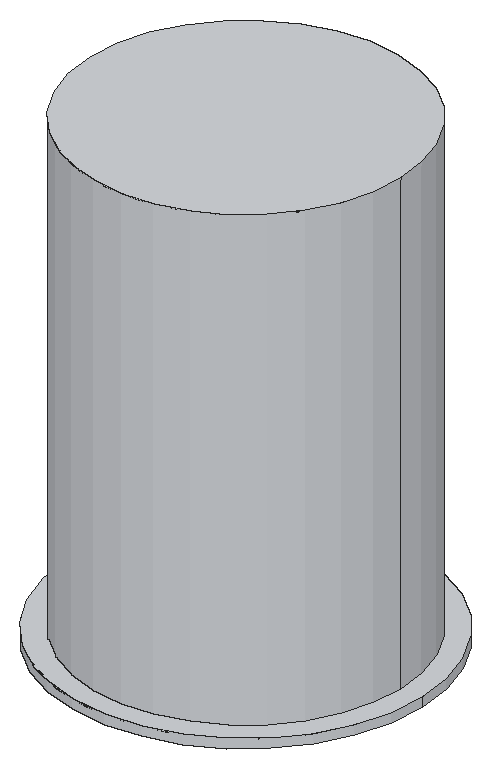
Revit family "CASTOR 4 MINI", category Lighting Fixtures, host Ceiling, Revit 2017
Family settings
  Host = Ceiling
  Round Connector Dimension = Use Diameter
  Part Type = Normal
  OmniClass Number = 23.80.70.11
  OmniClass Title = Luminaries for Internal Lighting
  Always vertical = Yes
  Cut with Voids When Loaded = No
  Light Source = Yes
  Shared = No
  Room Calculation Point = No
Parameters (values of type "Type 1")
  Wattage = 9.2903 W
  built-in parameter 1150110 = 1 (stored number, unit not read)
  built-in parameter 1114217 = 1 (stored number, unit not read)
  Tilt Angle = 90.00°
  built-in parameter 1150109 = 1 (stored number, unit not read)
  built-in parameter 1150134 = (empty or 0)
  built-in parameter 1150113 = 1 (stored number, unit not read)
  Photometric Web File = "ELR100P 35D.IES"
  Lumens = 1380 lm
  built-in parameter 1150115 = 1 (stored number, unit not read)
  built-in parameter 1150105 = 109.82 (stored number, unit not read)
  built-in parameter 1150137 = (empty or 0)
  built-in parameter 1150139 = (empty or 0)
  built-in parameter 1150112 = 1 (stored number, unit not read)
  built-in parameter 1150114 = 1 (stored number, unit not read)
  built-in parameter 1150132 = 2
  built-in parameter 1150102 = (empty or 0)
  built-in parameter 1150138 = (empty or 0)
  built-in parameter 1150107 = 3000 (stored number, unit not read)
  built-in parameter 1150106 = 1.0982 (stored number, unit not read)
  built-in parameter 1150104 = 13.8 (stored number, unit not read)
  Dimming Lamp Color Temperature Shift = <None>
  Color Filter = 16777215
  built-in parameter 1114218 = 1 (stored number, unit not read)
  built-in parameter 1150133 = 10 (stored number, unit not read)
Reference planes
  plane 1 "Light Source Axis (F/B)": y = 0
  plane 2: z = 0
  plane 3 "Light Source Axis (L/R)": x = 0
  plane 4 "Ceiling": z = 4000
  plane 5 "Light Source Elevation": z = 4000
  plane 6: x = -102.46
  plane 7: x = 101.915
  plane 8: y = 52.5
  plane 9: y = -52.5
Forms (mm)
  Extrusion 1, solid
    sketch origin (0, 0, 4000) x (0, 1, 0) y (-1, 0, 0)
      loop
        circle (0, 0) r 57.945
      loop
        circle (0, 0) r 48.613
    from 0 to -3
  Extrusion 2, solid
    sketch origin (0, 0, 4000) x (0, 1, 0) y (-1, 0, 0)
      loop
        circle (0, 0.015) r 50.954
    from 0 to 150
  Extrusion 3, solid, material "Glass, Frosted"
    sketch origin (0, 0, 4000) x (0, 1, 0) y (-1, 0, 0)
      loop
        circle (0, 0) r 48.613
    from 0 to -3
Lines and regions (mm)
  Opening 1
    outline origin (0, 0, 4000) x (1, 0, 0) y (0, 1, 0)
      loop
        circle (0, 0) r 57.945
Dimensions and locks
  equal spacing: host sketch curve, plane 3 "Light Source Axis (L/R)", host sketch curve
  equal spacing: host sketch curve, plane 1 "Light Source Axis (F/B)", host sketch curve
  host sketch curve to host sketch curve = 4000.00 mm  (x2)
  plane 4 "Ceiling" to host ceiling = 0.00 mm
  imposter light to Extrusion 2 = 150.00 mm
  plane 7 to plane 6 = 204.375 mm
  plane 8 to plane 9 = 105.00 mm
  aligned and locked: plane 5 "Light Source Elevation" to imposter light
